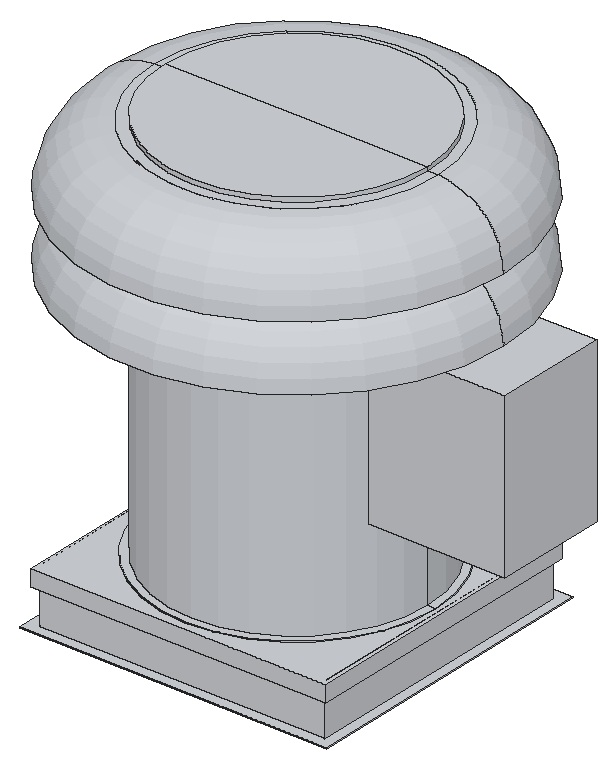
Revit family "TCNE-B", category Mechanical Equipment, Revit 2019
Family settings
  Round Connector Dimension = Use Diameter
  Part Type = Normal
  Work Plane-Based = No
  Always vertical = Yes
  Cut with Voids When Loaded = No
  Shared = No
  Room Calculation Point = No
Parameters (values of type "300_TCNE-B")
  Unit Weight [instance] = ""
  T_SQ/2 = T_SQ / 2  # 2' - 3"
  T_SQ = 4' - 6"
  Sones [instance] = ""
  RO/2 = RO / 2  # 2' - 0 3/4"
  RO = T_SQ - 0' 4 1/2"  # 4' - 1 1/2"
  Motor RPM [instance] = ""
  Motor Enclosure [instance] = ""
  ModelID [instance] = ""
  LwA [instance] = ""
  J/2 = J / 2  # 0' - 10 1/2"
  J = 1' - 9"
  H = 6' - 3 1/2"
  G = 2' - 6"
  Fan RPM [instance] = ""
  FAN_RAD = FAN_DIA / 2  # 2' - 0"
  FAN_DIA = 4' - 0"
  F = 6' - 1 15/16"
  E+A-1"-G = E + A - 0' 1" - G  # 1' - 8 1/4"
  E+A-1" = E + A - 0' 1"  # 4' - 2 1/4"
  E = 0' - 3"  # constant formula
  D/2 = D / 2  # 2' - 0"
  D = 4' - 0"
  CURB_HEIGHT [instance] = 0' - 9 1/2"
  CURB [instance] = yes
  C/2 = C / 2  # 3' - 0 1/2"
  C = 6' - 1"
  B = 2' - 1"
  Accessories [instance] = ""
  A-.5" = A - 0' 0 1/2"  # 3' - 11 3/4"
  A = 4' - 0 1/4"
  5" = 0' - 5"  # constant formula
  3" = 0' - 3"  # constant formula
  Brake Hp [instance] = ""
  4" = 0' - 4"  # constant formula
  2' = 2' - 0"
  2" = 0' - 2"  # constant formula
  1" = 0' - 1"  # constant formula
  0 = 0' - 0"  # constant formula
  Voltage [instance] = 0 V
  URL = "www.lorencook.com"
  Type Comments = "Tubular Centrifugal Inline Roof Mounted / Exhaust Belt Drive"  # constant formula
  Static Pressure [instance] = 0.00 in-wg
  Power [instance] = Voltage * Motor FLA * sqrt(if(Phase = 3, 3, 1))  # 0 VA
  Phase [instance] = 0
  Number of Poles [instance] = 1
  Motor Hp [instance] = "0"
  Motor FLA [instance] = 0 A
  Model = "TCNE-B"  # constant formula
  Manufacturer = "Loren Cook Company"
  CFM [instance] = 0 CFM
  1.5 = 0' - 1 1/2"  # constant formula
  ONE EIGTH = 0' - 0 1/8"  # constant formula
  (T_SQ/2)+.125" = (T_SQ / 2) + 0' 0 1/8"  # 2' - 3 1/8"
  (D+.25")/2 = (D + 0' 0 1/4") / 2  # 2' - 0 1/8"
  (B/2)-.5" = (B / 2) - 0' 0 1/2"  # 1' - 0"
Types (16): name | T_SQ/2 | T_SQ | RO/2 | RO | J/2 | J | H | G | FAN_RAD | FAN_DIA | F | E+A-1"-G | E+A-1" | D/2 | D | C/2 | C | B | A-.5" | A | (T_SQ/2)+.125" | (D+.25")/2 | (B/2)-.5"
  (no name) | 2' - 3" | 4' - 6" | 2' - 0 3/4" | 4' - 1 1/2" | 0' - 10 1/2" | 1' - 9" | 6' - 3 1/2" | 2' - 6" | 2' - 0" | 4' - 0" | 6' - 1 15/16" | 1' - 8 1/4" | 4' - 2 1/4" | 2' - 0" | 4' - 0" | 3' - 0 1/2" | 6' - 1" | 2' - 1" | 3' - 11 3/4" | 4' - 0 1/4" | 2' - 3 1/8" | 2' - 0 1/8" | 1' - 0"
  100_TCNE-B | 1' - 0" | 2' - 0" | 0' - 9 3/4" | 1' - 7 1/2" | 0' - 6 1/2" | 1' - 1" | 2' - 8 15/16" | 1' - 6" | 0' - 8" | 1' - 4" | 2' - 9 1/4" | 0' - 6" | 2' - 0" | 0' - 8" | 1' - 4" | 1' - 2 1/8" | 2' - 4 1/4" | 0' - 9" | 1' - 9 1/2" | 1' - 10" | 1' - 0 1/8" | 0' - 8 1/8" | 0' - 4"
  120_TCNE-B | 1' - 0" | 2' - 0" | 0' - 9 3/4" | 1' - 7 1/2" | 0' - 6 1/2" | 1' - 1" | 2' - 9 15/16" | 1' - 6" | 0' - 9" | 1' - 6" | 2' - 11" | 0' - 7" | 2' - 1" | 0' - 9" | 1' - 6" | 1' - 2 1/8" | 2' - 4 1/4" | 0' - 9" | 1' - 10 1/2" | 1' - 11" | 1' - 0 1/8" | 0' - 9 1/8" | 0' - 4"
  135_TCNE-B | 1' - 2" | 2' - 4" | 0' - 11 3/4" | 1' - 11 1/2" | 0' - 6 1/2" | 1' - 1" | 3' - 5 1/4" | 1' - 6" | 0' - 10 1/2" | 1' - 9" | 3' - 3 1/8" | 0' - 8 1/2" | 2' - 2 1/2" | 0' - 10 1/2" | 1' - 9" | 1' - 9 1/8" | 3' - 6 1/4" | 1' - 2" | 2' - 0" | 2' - 0 1/2" | 1' - 2 1/8" | 0' - 10 5/8" | 0' - 6 1/2"
  150_TCNE-B | 1' - 3" | 2' - 6" | 1' - 0 3/4" | 2' - 1 1/2" | 0' - 8 3/8" | 1' - 4 3/4" | 3' - 7 3/4" | 1' - 10" | 1' - 0" | 2' - 0" | 3' - 5 3/4" | 0' - 7" | 2' - 5" | 1' - 0" | 2' - 0" | 1' - 9 1/8" | 3' - 6 1/4" | 1' - 2" | 2' - 2 1/2" | 2' - 3" | 1' - 3 1/8" | 1' - 0 1/8" | 0' - 6 1/2"
  165_TCNE-B | 1' - 3" | 2' - 6" | 1' - 0 3/4" | 2' - 1 1/2" | 0' - 8 3/8" | 1' - 4 3/4" | 3' - 9 1/4" | 1' - 10" | 1' - 1" | 2' - 2" | 3' - 7 3/16" | 0' - 8 1/2" | 2' - 6 1/2" | 1' - 1" | 2' - 2" | 1' - 9 1/8" | 3' - 6 1/4" | 1' - 2" | 2' - 4" | 2' - 4 1/2" | 1' - 3 1/8" | 1' - 1 1/8" | 0' - 6 1/2"
  180_TCNE-B | 1' - 6" | 3' - 0" | 1' - 3 3/4" | 2' - 7 1/2" | 0' - 8 3/8" | 1' - 4 3/4" | 3' - 11 3/4" | 1' - 10" | 1' - 2" | 2' - 4" | 3' - 11 9/16" | 0' - 11" | 2' - 9" | 1' - 2" | 2' - 4" | 1' - 9 1/8" | 3' - 6 1/4" | 1' - 2" | 2' - 6 1/2" | 2' - 7" | 1' - 6 1/8" | 1' - 2 1/8" | 0' - 6 1/2"
  195_TCNE-B | 1' - 7" | 3' - 2" | 1' - 4 3/4" | 2' - 9 1/2" | 0' - 8 3/8" | 1' - 4 3/4" | 5' - 6 3/4" | 1' - 10" | 1' - 3 1/2" | 2' - 7" | 4' - 2 7/16" | 1' - 1 1/4" | 2' - 11 1/4" | 1' - 3 1/2" | 2' - 7" | 2' - 2 1/4" | 4' - 4 1/2" | 2' - 7" | 2' - 8 3/4" | 2' - 9 1/4" | 1' - 7 1/8" | 1' - 3 5/8" | 1' - 3"
  210_TCNE-B | 1' - 9" | 3' - 6" | 1' - 6 3/4" | 3' - 1 1/2" | 0' - 8 3/8" | 1' - 4 3/4" | 5' - 8" | 1' - 10" | 1' - 5" | 2' - 10" | 4' - 6 1/4" | 1' - 2 1/2" | 3' - 0 1/2" | 1' - 5" | 2' - 10" | 2' - 2 1/4" | 4' - 4 1/2" | 2' - 7" | 2' - 10" | 2' - 10 1/2" | 1' - 9 1/8" | 1' - 5 1/8" | 1' - 3"
  225_TCNE-B | 1' - 9" | 3' - 6" | 1' - 6 3/4" | 3' - 1 1/2" | 0' - 9" | 1' - 6" | 5' - 9" | 2' - 1" | 1' - 6" | 3' - 0" | 4' - 11" | 1' - 0 1/2" | 3' - 1 1/2" | 1' - 6" | 3' - 0" | 2' - 2 1/4" | 4' - 4 1/2" | 2' - 7" | 2' - 11" | 2' - 11 1/2" | 1' - 9 1/8" | 1' - 6 1/8" | 1' - 3"
  245_TCNE-B | 2' - 0" | 4' - 0" | 1' - 9 3/4" | 3' - 7 1/2" | 0' - 9" | 1' - 6" | 6' - 4" | 2' - 1" | 1' - 8" | 3' - 4" | 5' - 4 5/16" | 1' - 6" | 3' - 7" | 1' - 8" | 3' - 4" | 2' - 7 1/4" | 5' - 2 1/2" | 2' - 9" | 3' - 4 1/2" | 3' - 5" | 2' - 0 1/8" | 1' - 8 1/8" | 1' - 4"
  270_TCNE-B | 2' - 3" | 4' - 6" | 2' - 0 3/4" | 4' - 1 1/2" | 0' - 10 1/2" | 1' - 9" | 6' - 1 3/4" | 2' - 6" | 1' - 10" | 3' - 8" | 5' - 11 11/16" | 1' - 6 1/2" | 4' - 0 1/2" | 1' - 10" | 3' - 8" | 3' - 0 1/2" | 6' - 1" | 2' - 1" | 3' - 10" | 3' - 10 1/2" | 2' - 3 1/8" | 1' - 10 1/8" | 1' - 0"
  300_TCNE-B | 2' - 3" | 4' - 6" | 2' - 0 3/4" | 4' - 1 1/2" | 0' - 10 1/2" | 1' - 9" | 6' - 3 1/2" | 2' - 6" | 2' - 0" | 4' - 0" | 6' - 1 15/16" | 1' - 8 1/4" | 4' - 2 1/4" | 2' - 0" | 4' - 0" | 3' - 0 1/2" | 6' - 1" | 2' - 1" | 3' - 11 3/4" | 4' - 0 1/4" | 2' - 3 1/8" | 2' - 0 1/8" | 1' - 0"
  60_TCNE-B | 1' - 0" | 2' - 0" | 0' - 9 3/4" | 1' - 7 1/2" | 0' - 6 1/2" | 1' - 1" | 2' - 8 15/16" | 1' - 6" | 0' - 8" | 1' - 4" | 2' - 9 1/4" | 0' - 6" | 2' - 0" | 0' - 8" | 1' - 4" | 1' - 2 1/8" | 2' - 4 1/4" | 0' - 9" | 1' - 9 1/2" | 1' - 10" | 1' - 0 1/8" | 0' - 8 1/8" | 0' - 4"
  70_TCNE-B | 1' - 0" | 2' - 0" | 0' - 9 3/4" | 1' - 7 1/2" | 0' - 6 1/2" | 1' - 1" | 2' - 8 15/16" | 1' - 6" | 0' - 8" | 1' - 4" | 2' - 9 1/4" | 0' - 6" | 2' - 0" | 0' - 8" | 1' - 4" | 1' - 2 1/8" | 2' - 4 1/4" | 0' - 9" | 1' - 9 1/2" | 1' - 10" | 1' - 0 1/8" | 0' - 8 1/8" | 0' - 4"
  80_TCNE-B | 1' - 0" | 2' - 0" | 0' - 9 3/4" | 1' - 7 1/2" | 0' - 6 1/2" | 1' - 1" | 2' - 8 15/16" | 1' - 6" | 0' - 8" | 1' - 4" | 2' - 9 1/4" | 0' - 6" | 2' - 0" | 0' - 8" | 1' - 4" | 1' - 2 1/8" | 2' - 4 1/4" | 0' - 9" | 1' - 9 1/2" | 1' - 10" | 1' - 0 1/8" | 0' - 8 1/8" | 0' - 4"
Reference planes (in)
  plane 1 "Center (Front/Back)": y = 0
  plane 2: z = 0
  plane 3 "Center (Left/Right)": x = 0.40541
Forms (in)
  Extrusion 1, solid
    sketch origin (0, 0, 0) x (1, 0, 0) y (0, 1, 0)
      loop
        line (-26.71959, 27.125) -> (-26.71959, -27.125) -> (27.53041, -27.125) -> (27.53041, 27.125) -> (-26.71959, 27.125)
    from 0 to 3 <- "E"
  Extrusion 2, void
    sketch origin (0, 0, 0) x (1, 0, 0) y (0, 1, 0)
      loop
        line (-26.59459, 27) -> (-26.59459, -27) -> (27.40541, -27) -> (27.40541, 27) -> (-26.59459, 27)
    from 0 to 2.875
  Revolve 3, solid
    sketch origin (0, 0, 0) x (1, 0, 0) y (0, 0, 1)
      loop
        line (0.40541, 3) -> (26.03041, 3) -> (26.03041, 3.125) -> (24.53041, 3.125) -> (24.53041, 50.75) -> (38.53041, 50.75)
        arc (38.53041, 50.75) -> (35.01569, 59.23528) -> (26.53041, 62.75) r 12
        line (26.53041, 62.75) -> (38.53041, 62.75)
        arc (38.53041, 62.75) -> (35.01569, 71.23528) -> (26.53041, 74.75) r 12
        line (26.53041, 74.75) -> (24.53041, 74.75) -> (24.53041, 75.5) -> (0.40541, 75.5) -> (0.40541, 3)
      axis (0.40541, 75.5) -> (0.40541, 3)
    angle from 0 to 360
  Extrusion 4, solid
    sketch origin (0, 0, 0) x (1, 0, 0) y (0, 1, 0)
      loop
        arc (22.12558, 10.5) -> (24.53041, 0) -> (22.12558, -10.5) r 24.125
        line (22.12558, -10.5) -> (47.21791, -10.5) -> (47.21791, 10.5) -> (22.12558, 10.5)
    from 20.25 <- "E+A-1"-G" to 50.25 <- "E+A-1""
  Extrusion 5, solid, visible <- "CURB"
    sketch origin (0, 0, 2.875) x (0, 1, 0) y (1, 0, 0)
      loop
        line (-24.75, -24.34459) -> (24.75, -24.34459) -> (24.75, 25.15541) -> (-24.75, 25.15541) -> (-24.75, -24.34459)
      loop
        line (26.25, 26.65541) -> (-26.25, 26.65541) -> (-26.25, -25.84459) -> (26.25, -25.84459) -> (26.25, 26.65541)
    from 0 to 9.5 <- "CURB_HEIGHT"
  Extrusion 6, solid, visible <- "CURB"
    sketch origin (0, 0, -6.625) x (-1, 0, 0) y (0, 1, 0)
      loop
        line (25.84459, -26.25) -> (25.84459, 26.25) -> (-26.65541, 26.25) -> (-26.65541, -26.25) -> (25.84459, -26.25)
      loop
        line (-28.65541, 28.25) -> (-28.65541, -28.25) -> (27.84459, -28.25) -> (27.84459, 28.25) -> (-28.65541, 28.25)
    from 0 to -0.125
Cuts and joins
  Extrusion 2 cuts Extrusion 1
Dimensions and locks (in)
  "(T_SQ/2)+.125"": Extrusion 1 sketch curve to plane 3 "Center (Left/Right)"
  "(T_SQ/2)+.125"": plane 3 "Center (Left/Right)" to Extrusion 1 sketch curve
  "(T_SQ/2)+.125"": plane 1 "Center (Front/Back)" to Extrusion 1 sketch curve
  "(T_SQ/2)+.125"": Extrusion 1 sketch curve to plane 1 "Center (Front/Back)"
  "ONE EIGTH": Extrusion 2 sketch curve to Extrusion 1  (x2)
  "ONE EIGTH": Extrusion 1 to Extrusion 2 sketch curve  (x2)
  "0": Revolve 3 sketch curve to cut or joined group of Extrusion 1, Extrusion 2
  "ONE EIGTH": Revolve 3 sketch curve to Revolve 3 sketch curve
  "0": Revolve 3 sketch curve to plane 3 "Center (Left/Right)"  (x2)
  "(D+.25")/2": Revolve 3 sketch curve to plane 3 "Center (Left/Right)"  (x2)
  "H": Revolve 3 sketch curve to level
  "A-.5"": Revolve 3 sketch curve to Revolve 3 sketch curve
  "0": Revolve 3 sketch curve to Revolve 3 sketch curve
  "(B/2)-.5"": Revolve 3 sketch curve to Revolve 3 sketch curve  (x2)
  "1.5": Revolve 3 sketch curve to Revolve 3 sketch curve
  "0": Extrusion 4 sketch curve to plane 3 "Center (Left/Right)"
  "0": Extrusion 4 sketch curve to plane 1 "Center (Front/Back)"
  "J/2": plane 1 "Center (Front/Back)" to Extrusion 4 sketch curve
  "J/2": Extrusion 4 sketch curve to plane 1 "Center (Front/Back)"
  "F": cut or joined group of Extrusion 1, Extrusion 2 to Extrusion 4 sketch curve
  "1.5": Extrusion 5 sketch curve to Extrusion 5 sketch curve  (x4)
  "RO/2": Extrusion 5 sketch curve to plane 3 "Center (Left/Right)"
  "RO/2": plane 3 "Center (Left/Right)" to Extrusion 5 sketch curve
  "RO/2": Extrusion 5 sketch curve to plane 1 "Center (Front/Back)"  (x2)
  "2"": Extrusion 6 sketch curve to Extrusion 6 sketch curve  (x4)
  "0": Extrusion 5 to Extrusion 6 sketch curve
  "0": Extrusion 6 sketch curve to Extrusion 5  (x3)
  "(B/2)-.5"": radius of Revolve 3 sketch curve  (x2)
  "(D+.25")/2": radius of Extrusion 4 sketch curve
Automatic sketch dimensions
  Revolve 3 sketch curve to level = 0' - 0"
  Revolve 3 sketch curve to Revolve 3 sketch curve = 0' - 2"
  Revolve 3 sketch curve to Revolve 3 sketch curve = 0' - 0"
  Revolve 3 sketch curve to level = 0' - 4"
  Extrusion 4 sketch curve to Extrusion 4 sketch curve = 0' - 0"
Connectors (in)
  electrical at (34.67175, 0, 20.25)
    settings: on Extrusion 4, index 1, voltage 0 V, apparent load 0 VA, apparent load phase1 0 VA, apparent load phase2 0 VA, apparent load phase3 0 VA, power factor 1, load classification "Other", number of poles 1, system type 30, power factor state 1, is connector primary yes, connector utility no, sub classification motor no, connector description ""
  hvac at (0.40541, 0, 3), driven by "CFM", driven by "RO", driven by "RO"
    settings: on cut or joined group of Extrusion 1, Extrusion 2, index 2, duct flow 0 CFM, flow factor 0, pres drop 0.00 in-wg, loss coef 0, conn angle 0.00°, conn width 49 1/2", conn height 49 1/2", conn diameter 24", duct sys type 3, conn prof type 1, flow config 0, flow direction 1, loss method 0, conn ref index -1, conn util no, is conn primary yes, conn desc ""
